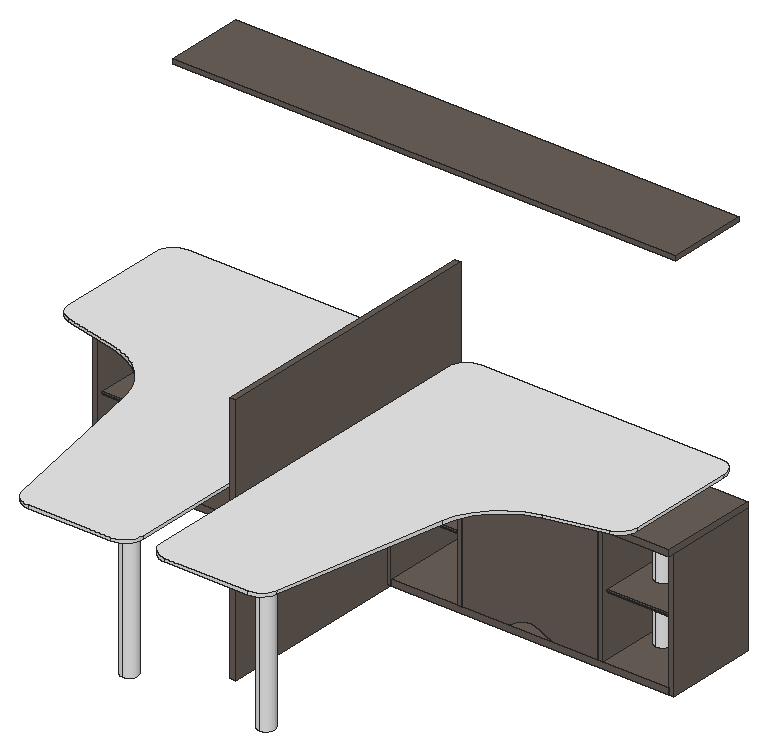
Revit family "OFS TYPICAL T100070", category Furniture, Revit 2022
Family settings
  OmniClass Number = 23.40.20.00
  OmniClass Title = General Furniture and Specialties
  Work Plane-Based = No
  Always vertical = Yes
  Cut with Voids When Loaded = No
  Render Appearance Source = Family Geometry
  Shared = No
  Room Calculation Point = No
Parameters (values of type "T100070")
  URL = "http://ofs.com/"
  Model = "T100070"
  Manufacturer = "OFS"
  Description = "OFS TYPICAL T100070"
  Default Elevation = 0' - 0"
  Copyright © = "©OFS 2024"
  Catalog = ""
  Authoring Version = "Autodesk Revit 2018"
  Assembly Code = "E2020200"
Reference planes (in)
  plane 1 "Center Front/Back": y = 0
  plane 2: z = 0
  plane 3 "Center Left/Right": x = 0
Dimensions and locks (in)
  aligned and locked: level to plane 2
Nested families (in)
  nested 1: "STAKS WALL SHELF" at (-27.05498, 8.33365, 0.28743), type "STAKS WALL SHELF 84in"
    with Height Above Floor 5' - 11 1/2", 2D Symbol Lines yes
  nested 2: "STAKS SPINE OR DIVIDER WALL 42in" at (-2.33365, 7.55498, 0) x (0, -1, 0) z (0, 0, 1), type "STAKS SPINE OR DIVIDER WALL 42in X 47in"
    with Height Above Floor 3' - 6"
  nested 3: "OFS STAKS HEIGHT ADJUSTABLE SWEEP TOP DESK 68x48 Top 16D Cabinet" at (-24.5, -10, 0) x (-1, 0, 0) z (0, 0, 1), type "HA Sweep Top Desk 68x48 Left w 16 D Cabinet"
    with Worksurface Height 2' - 3", Right Column no, Right 4H4 no, Leg Caps Material OFS STAKS Leg Caps Material, Left Column yes, Left 4H4 no, H4H Height Adjustable Panel Base Option no, Columns Finish OFS STAKS Columns Material, Chassis Finish OFS STAKS Boards
  nested 4: "OFS STAKS HEIGHT ADJUSTABLE SWEEP TOP DESK 68x48 Top 16D Cabinet" at (24.5, -10, 0), type "HA Sweep Top Desk 68x48 Left w 16 D Cabinet"
    with Worksurface Height 2' - 3", Right Column no, Right 4H4 no, Leg Caps Material OFS STAKS Leg Caps Material, Left Column yes, Left 4H4 no, H4H Height Adjustable Panel Base Option no, Columns Finish OFS STAKS Columns Material, Chassis Finish OFS STAKS Boards
Definition of nested family "STAKS WALL SHELF"
  Parameters (values of type "STAKS WALL SHELF 96in")
    URL = "http://www.ofs.com/"
    Top Board Thickness = 0' - 1 1/16"
    Height Above Floor [instance] = 5' - 11 1/2"
    Height = 1' - 0"
    Front Doors Material = none
    Default Elevation = 0' - 0"
    Back Material = none
    Depth = 1' - 2"
    Model = "6-9614WS"
    Manufacturer = "OFS"
    Description = "OFS STAKS WALL SHELF 96\" Width, 12\" Deep Fixed Shelf"
    Width = 8' - 0"
    Copyright © = "© 2018 OFS"
    Catalog = "https://ofs.com/products/casegoods/private-office/staks"
    Board Material = none
    Board Thickness = 0' - 0 3/4"
    Authoring Version = "Autodesk Revit Architecture 2013"
    Assembly Code = "E2020200"
    2D Symbol Lines [instance] = yes
  Types (7): name | Model | Description | Width
    STAKS WALL SHELF 60in | "6-6014WS" | "OFS STAKS WALL SHELF 60\" Width, 12\" Deep Fixed Shelf" | 5' - 0"
    STAKS WALL SHELF 66in | "6-6614WS" | "OFS STAKS WALL SHELF 66\" Width, 12\" Deep Fixed Shelf" | 5' - 6"
    STAKS WALL SHELF 72in | "6-7214WS" | "OFS STAKS WALL SHELF 72\" Width, 12\" Deep Fixed Shelf" | 6' - 0"
    STAKS WALL SHELF 78in | "6-7814WS" | "OFS STAKS WALL SHELF 78\" Width, 12\" Deep Fixed Shelf" | 6' - 6"
    STAKS WALL SHELF 84in | "6-8414WS" | "OFS STAKS WALL SHELF 84\" Width, 12\" Deep Fixed Shelf" | 7' - 0"
    STAKS WALL SHELF 90in | "6-9014WS" | "OFS STAKS WALL SHELF 90\" Width, 12\" Deep Fixed Shelf" | 7' - 6"
    STAKS WALL SHELF 96in | "6-9614WS" | "OFS STAKS WALL SHELF 96\" Width, 12\" Deep Fixed Shelf" | 8' - 0"
  Reference planes (in)
    plane 1: z = -0.125
    plane 2 "LEFT": x = -20.94502
    plane 3 "RIGHT": x = 75.05498
    plane 4 "FRONT": y = -15.33365
    plane 5: z = 59.375
    plane 6 "SURFACE TOP": z = 71.375
    plane 7: x = 27.05498
    plane 8: z = 70.3125
    plane 9: y = -1.33365
    plane 10: z = 60.125
    plane 11: y = -2.08365
  Forms (in)
    Extrusion 1, solid, material <- "Board Material"
      sketch origin (0, 0, 71.375) x (0, 1, 0) y (-1, 0, 0)
        loop
          line (-2.08365, 20.94502) -> (-15.33365, 20.94502) -> (-15.33365, -75.05498) -> (-2.08365, -75.05498) -> (-2.08365, 20.94502)
      from -12 to -11.25
  Dimensions and locks (in)
    "Width": plane 2 "LEFT" to plane 3 "RIGHT"
    "Height": plane 6 "SURFACE TOP" to plane 5
    "Height Above Floor": plane 6 "SURFACE TOP" to level
    equal spacing: plane 2 "LEFT", plane 7, plane 3 "RIGHT"
    "Board Thickness": plane 10 to plane 5
    "Board Thickness": plane 9 to plane 11
    "Depth": plane 9 to plane 4 "FRONT"
    aligned: level to plane 1
    aligned and locked: Extrusion 1 sketch curve to plane 4 "FRONT"
    aligned and locked: Extrusion 1 to plane 10
    aligned and locked: Extrusion 1 to plane 5
    aligned and locked: Extrusion 1 to plane 11
    aligned and locked: Extrusion 1 to plane 2 "LEFT"
    aligned and locked: plane 3 "RIGHT" to Extrusion 1
  Automatic sketch dimensions
    Extrusion 1 sketch curve to plane 11 = 0' - 0"
    Extrusion 1 sketch curve to plane 3 "RIGHT" = 0' - 0"
    plane 2 "LEFT" to Extrusion 1 sketch curve = 0' - 0"
Definition of nested family "STAKS SPINE OR DIVIDER WALL 42in"
  Parameters (values of type "STAKS SPINE OR DIVIDER WALL 42in X 24in")
    URL = "http://www.ofs.com/"
    Height Above Floor [instance] = 3' - 6"
    Height = 3' - 6"
    Depth = 0' - 1"
    Model = "6-PAN-42/24"
    Manufacturer = "OFS"
    Description = "OFS STAKS SPINE OR DIVIDER WALL 42\" Height x 24\" Width, Levelers allow 2.5\" Height Adjustability for Uneven Floor"
    Width = 2' - 0"
    Default Elevation = 0' - 0"
    Copyright © = "© 2018 OFS"
    Catalog = "https://ofs.com/products/casegoods/private-office/staks"
    Authoring Version = "Autodesk Revit Architecture 2013"
    Assembly Code = "E2020200"
  Types (19): name | Model | Description | Width
    STAKS SPINE OR DIVIDER WALL 42in X 24in | "6-PAN-42/24" | "OFS STAKS SPINE OR DIVIDER WALL 42\" Height x 24\" Width, Levelers allow 2.5\" Height Adjustability for Uneven Floor" | 2' - 0"
    STAKS SPINE OR DIVIDER WALL 42in X 33in | "6-PAN-42/33" | "OFS STAKS SPINE OR DIVIDER WALL 42\" Height x 33\" Width, Levelers allow 2.5\" Height Adjustability for Uneven Floor" | 2' - 9"
    STAKS SPINE OR DIVIDER WALL 42in X 26in | "6-PAN-42/26" | "OFS STAKS SPINE OR DIVIDER WALL 42\" Height x 26\" Width, Levelers allow 2.5\" Height Adjustability for Uneven Floor" | 2' - 2"
    STAKS SPINE OR DIVIDER WALL 42in X 30in | "6-PAN-42/30" | "OFS STAKS SPINE OR DIVIDER WALL 42\" Height x 30\" Width, Levelers allow 2.5\" Height Adjustability for Uneven Floor" | 2' - 6"
    STAKS SPINE OR DIVIDER WALL 42in X 36in | "6-PAN-42/36" | "OFS STAKS SPINE OR DIVIDER WALL 42\" Height x 36\" Width, Levelers allow 2.5\" Height Adjustability for Uneven Floor" | 3' - 0"
    STAKS SPINE OR DIVIDER WALL 42in X 37in | "6-PAN-42/37" | "OFS STAKS SPINE OR DIVIDER WALL 42\" Height x 37\" Width, Levelers allow 2.5\" Height Adjustability for Uneven Floor" | 3' - 1"
    STAKS SPINE OR DIVIDER WALL 42in X 39in | "6-PAN-42/39" | "OFS STAKS SPINE OR DIVIDER WALL 42\" Height x 39\" Width, Levelers allow 2.5\" Height Adjustability for Uneven Floor" | 3' - 3"
    STAKS SPINE OR DIVIDER WALL 42in X 40in | "6-PAN-42/40" | "OFS STAKS SPINE OR DIVIDER WALL 42\" Height x 40\" Width, Levelers allow 2.5\" Height Adjustability for Uneven Floor" | 3' - 4"
    STAKS SPINE OR DIVIDER WALL 42in X 42in | "6-PAN-42/42" | "OFS STAKS SPINE OR DIVIDER WALL 42\" Height x 42\" Width, Levelers allow 2.5\" Height Adjustability for Uneven Floor" | 3' - 6"
    STAKS SPINE OR DIVIDER WALL 42in X 44in | "6-PAN-42/44" | "OFS STAKS SPINE OR DIVIDER WALL 42\" Height x 44\" Width, Levelers allow 2.5\" Height Adjustability for Uneven Floor" | 3' - 8"
    STAKS SPINE OR DIVIDER WALL 42in X 45in | "6-PAN-42/45" | "OFS STAKS SPINE OR DIVIDER WALL 42\" Height x 45\" Width, Levelers allow 2.5\" Height Adjustability for Uneven Floor" | 3' - 9"
    STAKS SPINE OR DIVIDER WALL 42in X 47in | "6-PAN-42/47" | "OFS STAKS SPINE OR DIVIDER WALL 42\" Height x 47\" Width, Levelers allow 2.5\" Height Adjustability for Uneven Floor" | 3' - 11"
    STAKS SPINE OR DIVIDER WALL 42in X 48in | "6-PAN-42/48" | "OFS STAKS SPINE OR DIVIDER WALL 42\" Height x 48\" Width, Levelers allow 2.5\" Height Adjustability for Uneven Floor" | 4' - 0"
    STAKS SPINE OR DIVIDER WALL 42in X 49in | "6-PAN-42/49" | "OFS STAKS SPINE OR DIVIDER WALL 42\" Height x 49\" Width, Levelers allow 2.5\" Height Adjustability for Uneven Floor" | 4' - 1"
    STAKS SPINE OR DIVIDER WALL 42in X 52in | "6-PAN-42/52" | "OFS STAKS SPINE OR DIVIDER WALL 42\" Height x 52\" Width, Levelers allow 2.5\" Height Adjustability for Uneven Floor" | 4' - 4"
    STAKS SPINE OR DIVIDER WALL 42in X 54in | "6-PAN-42/54" | "OFS STAKS SPINE OR DIVIDER WALL 42\" Height x 54\" Width, Levelers allow 2.5\" Height Adjustability for Uneven Floor" | 4' - 6"
    STAKS SPINE OR DIVIDER WALL 42in X 56in | "6-PAN-42/56" | "OFS STAKS SPINE OR DIVIDER WALL 42\" Height x 56\" Width, Levelers allow 2.5\" Height Adjustability for Uneven Floor" | 4' - 8"
    STAKS SPINE OR DIVIDER WALL 42in X 58in | "6-PAN-42/58" | "OFS STAKS SPINE OR DIVIDER WALL 42\" Height x 58\" Width, Levelers allow 2.5\" Height Adjustability for Uneven Floor" | 4' - 10"
    STAKS SPINE OR DIVIDER WALL 42in X 59in | "6-PAN-42/59" | "OFS STAKS SPINE OR DIVIDER WALL 42\" Height x 59\" Width, Levelers allow 2.5\" Height Adjustability for Uneven Floor" | 4' - 11"
  Reference planes (in)
    plane 1: z = -0.125
    plane 2 "LEFT": x = 7.55498
    plane 3 "RIGHT": x = 31.55498
    plane 4 "BACK": y = -1.83365
    plane 5 "FRONT": y = -2.83365
    plane 6: x = 7.67998
    plane 7: x = 31.42998
    plane 8: y = -1.95865
    plane 9: y = -2.70865
    plane 10: z = -0.125
    plane 11 "SURFACE TOP": z = 41.875
  Forms (in)
    Extrusion 1, solid
      sketch origin (0, 0, 17.125) x (-1, 0, 0) y (0, -1, 0)
        loop
          line (-7.55498, 1.83365) -> (-7.55498, 2.83365) -> (-31.55498, 2.83365) -> (-31.55498, 1.83365) -> (-7.55498, 1.83365)
      from 24.75 to -17.25
  Lines and regions (in)
    symbolic lines
      curve 1: line (7.55498, -1.83365, 41.875) -> (31.55498, -1.83365, 41.875)
      curve 2: line (7.55498, -2.83365, 41.875) -> (7.55498, -1.83365, 41.875)
      curve 3: line (31.55498, -2.83365, 41.875) -> (7.55498, -2.83365, 41.875)
      curve 4: line (31.55498, -1.83365, 41.875) -> (31.55498, -2.83365, 41.875)
  Dimensions and locks (in)
    "Depth": plane 4 "BACK" to plane 5 "FRONT"
    "Width": plane 2 "LEFT" to plane 3 "RIGHT"
    "Height": plane 11 "SURFACE TOP" to plane 10
    locked: plane 4 "BACK" to plane 8 at 0.125
    locked: plane 2 "LEFT" to plane 6 at 0.125
    locked: plane 7 to plane 3 "RIGHT" at 0.125
    locked: plane 9 to plane 5 "FRONT" at 0.125
    "Height Above Floor": plane 11 "SURFACE TOP" to level
    aligned: level to plane 1
    aligned and locked: plane 11 "SURFACE TOP" to Extrusion 1
    aligned and locked: Extrusion 1 to plane 10
    aligned and locked: plane 4 "BACK" to Extrusion 1 sketch curve
    aligned and locked: Extrusion 1 sketch curve to plane 2 "LEFT"
    aligned and locked: Extrusion 1 sketch curve to plane 5 "FRONT"
    aligned and locked: plane 3 "RIGHT" to Extrusion 1 sketch curve
    aligned and locked: curve 1 to Extrusion 1
    aligned and locked: curve 2 to Extrusion 1
    aligned and locked: curve 3 to Extrusion 1
    aligned and locked: curve 4 to Extrusion 1
Definition of nested family "OFS STAKS HEIGHT ADJUSTABLE SWEEP TOP DESK 68x48 Top 16D Cabinet"
  Parameters (values of type "HA Sweep Top Desk 68x48 Left w 16 D Cabinet")
    Worksurface Finish = none
    Width = 4' - 0"
    URL = "https://ofs.com/"
    Shelves Finish = none
    Right Column [instance] = and(Right, not(H4H Height Adjustable Panel Base Option))  # no
    Right 4H4 [instance] = and(Right, H4H Height Adjustable Panel Base Option)  # no
    Right = no
    Leg Caps Material [instance] = none
    Left Column [instance] = and(Left, not(H4H Height Adjustable Panel Base Option))  # no
    Left 4H4 [instance] = and(Left, H4H Height Adjustable Panel Base Option)  # yes
    Left = yes
    H4H Height Adjustable Panel Base Option [instance] = yes
    Depth = 5' - 8"
    Model = "6-6848HASWTLS"
    Manufacturer = "OFS"
    Height = 0' - 1 3/16"
    Description = "OFS STAKS HEIGHT ADJUSTABLE SWEEP TOP DESK Left Sided, 48\"W x 16.5\"D Low Height Cabinet, 66\"W x 46\"D Worksurface"
    Default Elevation = 0' - 0"
    Copyright © = "©OFS 2021"
    Columns Finish [instance] = none
    Chassis Finish [instance] = none
    Catalog = "https://ofs.com/products/casegoods/private-office/staks"
    Worksurface Height [instance] = 2' - 3"
    Cabinet Storage Approach = none
    Authoring Version = "Autodesk Revit Architecture 2015"
    Assembly Code = "E2020200"
  Types (3): name | Right 4H4 | Right | Left 4H4 | Left | Model | Description
    (no name) | no | no | yes | yes | "6-6848HASWTLS" | "OFS STAKS HEIGHT ADJUSTABLE SWEEP TOP DESK Left Sided, 48\"W x 16.5\"D Low Height Cabinet, 66\"W x 46\"D Worksurface"
    HA Sweep Top Desk 68x48 Left w 16 D Cabinet | no | no | yes | yes | "6-6848HASWTLS" | "OFS STAKS HEIGHT ADJUSTABLE SWEEP TOP DESK Left Sided, 48\"W x 16.5\"D Low Height Cabinet, 66\"W x 46\"D Worksurface"
    HA Sweep Top Desk 68x48 Right w 16 D Cabinet | yes | yes | no | no | "6-6848HASWTRS" | "OFS STAKS HEIGHT ADJUSTABLE SWEEP TOP DESK Right Sided, 48\"W x 16.5\"D Low Height Cabinet, 66\"W x 46\"D Worksurface"
  Reference planes (in)
    plane 1 "Back End": y = 10
    plane 2: z = 0
    plane 3 "Center Left/Right": x = 0
    plane 4 "Left End": x = -24
    plane 5 "Front End": y = -58
    plane 6 "Right End": x = 24
    plane 7 "Height Top": z = 28.1875
    plane 8: z = 27
    plane 9 "Center Front/Back": y = -24
    plane 10: z = 24.625
    plane 11: z = 22.25
    plane 12: z = 26.875
  Forms (in)
    Extrusion 1, solid, material <- "Columns Finish", visible <- "Right"
      sketch origin (-24, -22.75, 0) x (0, 1, 0) y (-1, 0, 0)
        loop
          circle (-21.4997, -37.08789) r 1.125
      from 24.625 to 26.875
    Extrusion 2, solid, material <- "Columns Finish", visible <- "Right"
      sketch origin (-24, -22.75, 0) x (0, 1, 0) y (-1, 0, 0)
        loop
          circle (-21.4997, -37.08789) r 1.25
      from 22.25 to 24.625
    Extrusion 3, solid, material <- "Columns Finish", visible <- "Right Column"
      sketch origin (-24, -22.75, 0) x (0, 1, 0) y (-1, 0, 0)
        loop
          circle (-21.4997, -37.08789) r 1.375
      from 0 to 22.25
    Extrusion 4, solid, material <- "Columns Finish"
      sketch origin (-24, -22.75, 0) x (0, 1, 0) y (-1, 0, 0)
        loop
          line (21, -38) -> (21, -44) -> (27, -44) -> (27, -38) -> (21, -38)
        loop
          line (21, -10) -> (27, -10) -> (27, -4) -> (21, -4) -> (21, -10)
      from 26.875 to 27
    Extrusion 5, solid, material <- "Columns Finish"
      sketch origin (-21.08789, 23.75266, 0) x (0, 1, 0) y (-1, 0, 0)
        loop
          circle (-21.4997, -37.08789) r 1.125
      from 24.625 to 26.875
    Extrusion 6, solid, material <- "Columns Finish"
      sketch origin (-21.08789, 23.75266, 0) x (0, 1, 0) y (-1, 0, 0)
        loop
          circle (-21.4997, -37.08789) r 1.25
      from 22.25 to 24.625
    Extrusion 7, solid, material <- "Columns Finish"
      sketch origin (-21.08789, 23.75266, 0) x (0, 1, 0) y (-1, 0, 0)
        loop
          circle (-21.4997, -37.08789) r 1.375
      from 2.375 to 22.25
    Extrusion 8, solid, material <- "Columns Finish"
      sketch origin (-53.08789, 23.75266, 0) x (0, 1, 0) y (-1, 0, 0)
        loop
          circle (-21.4997, -37.08789) r 1.125
      from 24.625 to 26.875
    Extrusion 9, solid, material <- "Columns Finish"
      sketch origin (-53.08789, 23.75266, 0) x (0, 1, 0) y (-1, 0, 0)
        loop
          circle (-21.4997, -37.08789) r 1.25
      from 22.25 to 24.625
    Extrusion 10, solid, material <- "Columns Finish"
      sketch origin (-53.08789, 23.75266, 0) x (0, 1, 0) y (-1, 0, 0)
        loop
          circle (-21.4997, -37.08789) r 1.375
      from 2.375 to 22.25
    Extrusion 11, solid, material <- "Columns Finish", visible <- "Right"
      sketch origin (-24, -22.75, 0) x (0, 1, 0) y (-1, 0, 0)
        loop
          line (-23.4997, -34.08789) -> (-23.4997, -40.08789) -> (-17.4997, -40.08789) -> (-17.4997, -34.08789) -> (-23.4997, -34.08789)
      from 26.875 to 27
    Extrusion 12, solid, material <- "Columns Finish", visible <- "Left"
      sketch origin (24, -22.75, 0) x (0, 1, 0) y (-1, 0, 0)
        loop
          circle (-21.4997, 37.08789) r 1.125
      from 24.625 to 26.875
    Extrusion 13, solid, material <- "Columns Finish", visible <- "Left"
      sketch origin (24, -22.75, 0) x (0, 1, 0) y (-1, 0, 0)
        loop
          circle (-21.4997, 37.08789) r 1.25
      from 22.25 to 24.625
    Extrusion 14, solid, material <- "Columns Finish", visible <- "Left Column"
      sketch origin (24, -22.75, 0) x (0, 1, 0) y (-1, 0, 0)
        loop
          circle (-21.4997, 37.08789) r 1.375
      from 0 to 22.25
    Extrusion 15, solid, material <- "Columns Finish", visible <- "Left"
      sketch origin (24, -22.75, 0) x (0, 1, 0) y (-1, 0, 0)
        loop
          line (-23.4997, 34.08789) -> (-17.4997, 34.08789) -> (-17.4997, 40.08789) -> (-23.4997, 40.08789) -> (-23.4997, 34.08789)
      from 26.875 to 27
  Dimensions and locks (in)
    "Height": plane 7 "Height Top" to plane 8
    "Worksurface Height": plane 8 to level
    "Depth": plane 5 "Front End" to plane 1 "Back End"
    equal spacing: plane 4 "Left End", plane 3 "Center Left/Right", plane 6 "Right End"
    "Width": plane 4 "Left End" to plane 6 "Right End"
    equal spacing: plane 5 "Front End", plane 9 "Center Front/Back", plane 1 "Back End"
    locked: plane 11 to level at 22.25
    equal spacing: plane 8, plane 10, plane 11
    locked: plane 8 to plane 12 at 0.125
    aligned and locked: level to plane 2
    aligned and locked: plane 7 "Height Top" to nested 3
    aligned and locked: plane 7 "Height Top" to nested 2
    aligned and locked: plane 8 to Extrusion 15
    aligned and locked: Extrusion 4 to plane 8
    aligned and locked: Extrusion 11 to plane 8
    aligned and locked: plane 12 to Extrusion 11
    aligned and locked: Extrusion 4 to plane 12
    aligned and locked: Extrusion 15 to plane 12
    aligned and locked: plane 12 to Extrusion 12
    aligned and locked: plane 12 to Extrusion 8
    aligned and locked: Extrusion 1 to plane 12
    aligned and locked: Extrusion 5 to plane 12
    aligned and locked: Extrusion 2 to plane 10
    aligned and locked: plane 10 to Extrusion 1
    aligned and locked: Extrusion 6 to plane 10
    aligned and locked: plane 10 to Extrusion 5
    aligned and locked: plane 10 to Extrusion 13
    aligned and locked: Extrusion 12 to plane 10
    aligned and locked: plane 10 to Extrusion 9
    aligned and locked: Extrusion 8 to plane 10
  Automatic sketch dimensions
    plane 5 "Front End" to Extrusion 1 sketch curve = 1' - 1.7503"
    plane 6 "Right End" to Extrusion 1 sketch curve = 0' - 10.91211"
    Extrusion 2 sketch curve to Extrusion 2 sketch curve = 0' - 0"  (x2)
    plane 5 "Front End" to Extrusion 2 sketch curve = 1' - 1.7503"
    plane 6 "Right End" to Extrusion 2 sketch curve = 0' - 10.91211"
    Extrusion 2 sketch curve to Extrusion 2 sketch curve = 0' - 1 1/4"
    Extrusion 3 sketch curve to Extrusion 3 sketch curve = 0' - 0"  (x2)
    plane 5 "Front End" to Extrusion 3 sketch curve = 1' - 1.7503"
    plane 6 "Right End" to Extrusion 3 sketch curve = 0' - 10.91211"
    Extrusion 3 sketch curve to Extrusion 3 sketch curve = 0' - 1 3/8"
    plane 1 "Back End" to Extrusion 4 sketch curve = 0' - 11 3/4"  (x2)
    plane 4 "Left End" to Extrusion 4 sketch curve = 0' - 4"
    plane 1 "Back End" to Extrusion 4 sketch curve = 0' - 5 3/4"  (x2)
    Extrusion 4 sketch curve to Extrusion 4 sketch curve = 0' - 6"
    plane 6 "Right End" to Extrusion 4 sketch curve = 0' - 10"
    plane 6 "Right End" to Extrusion 4 sketch curve = 0' - 4"
    plane 1 "Back End" to Extrusion 5 sketch curve = 0' - 7.74705"
    plane 6 "Right End" to Extrusion 5 sketch curve = 0' - 8"
    Extrusion 6 sketch curve to Extrusion 6 sketch curve = 0' - 0"  (x2)
    plane 1 "Back End" to Extrusion 6 sketch curve = 0' - 7.74705"
    plane 6 "Right End" to Extrusion 6 sketch curve = 0' - 8"
    Extrusion 6 sketch curve to Extrusion 6 sketch curve = 0' - 1 1/4"
    Extrusion 7 sketch curve to Extrusion 7 sketch curve = 0' - 0"  (x2)
    plane 1 "Back End" to Extrusion 7 sketch curve = 0' - 7.74705"
    plane 6 "Right End" to Extrusion 7 sketch curve = 0' - 8"
    Extrusion 7 sketch curve to Extrusion 7 sketch curve = 0' - 1 3/8"
    plane 1 "Back End" to Extrusion 8 sketch curve = 0' - 7.74705"
    plane 4 "Left End" to Extrusion 8 sketch curve = 0' - 8"
    Extrusion 9 sketch curve to Extrusion 9 sketch curve = 0' - 0"  (x2)
    plane 1 "Back End" to Extrusion 9 sketch curve = 0' - 7.74705"
    plane 4 "Left End" to Extrusion 9 sketch curve = 0' - 8"
    Extrusion 9 sketch curve to Extrusion 9 sketch curve = 0' - 1 1/4"
    Extrusion 10 sketch curve to Extrusion 10 sketch curve = 0' - 0"  (x2)
    plane 1 "Back End" to Extrusion 10 sketch curve = 0' - 7.74705"
    plane 4 "Left End" to Extrusion 10 sketch curve = 0' - 8"
    Extrusion 10 sketch curve to Extrusion 10 sketch curve = 0' - 1 3/8"
    plane 5 "Front End" to Extrusion 11 sketch curve = 0' - 11.7503"
    Extrusion 11 sketch curve to Extrusion 11 sketch curve = 0' - 6"  (x2)
    plane 6 "Right End" to Extrusion 11 sketch curve = 0' - 7.91211"
    Extrusion 12 sketch curve to plane 5 "Front End" = 1' - 1.7503"
    Extrusion 12 sketch curve to plane 4 "Left End" = 0' - 10.91211"
    Extrusion 13 sketch curve to Extrusion 13 sketch curve = 0' - 0"  (x2)
    Extrusion 13 sketch curve to plane 5 "Front End" = 1' - 1.7503"
    Extrusion 13 sketch curve to plane 4 "Left End" = 0' - 10.91211"
    Extrusion 13 sketch curve to Extrusion 13 sketch curve = 0' - 1 1/4"
    Extrusion 14 sketch curve to Extrusion 14 sketch curve = 0' - 0"  (x2)
    Extrusion 14 sketch curve to plane 5 "Front End" = 1' - 1.7503"
    Extrusion 14 sketch curve to plane 4 "Left End" = 0' - 10.91211"
    Extrusion 14 sketch curve to Extrusion 14 sketch curve = 0' - 1 3/8"
    Extrusion 15 sketch curve to plane 5 "Front End" = 0' - 11.7503"
    Extrusion 15 sketch curve to Extrusion 15 sketch curve = 0' - 6"  (x2)
    Extrusion 15 sketch curve to plane 4 "Left End" = 0' - 7.91211"
    radius of Extrusion 1 sketch curve = 0' - 1 1/8"
    radius of Extrusion 5 sketch curve = 0' - 1 1/8"
    radius of Extrusion 8 sketch curve = 0' - 1 1/8"
    radius of Extrusion 12 sketch curve = 0' - 1 1/8"
  Nested families (in)
    nested 1: "Aptos Modular Low Height Cabinets" at (0, 10, 0), Chassis Finish <- "Chassis Finish", Leg Caps Material <- "Leg Caps Material", Column Finish <- "Columns Finish", Worksurface Approach Finish <- "Worksurface Finish", Shelf Finish <- "Shelves Finish", Cabinet Storage Approach Finish <- "Cabinet Storage Approach", type "APTOS HEIGHT ADJUSTABLE SWEEP TOP DESK"
      with Worksurface Approach Finish none, Shelf Finish none, Leg Caps Material none, Column Finish none, Chassis Finish none, Cabinet Storage Approach Finish none, Width 4' - 0", Depth 1' - 4 1/2"
    nested 2: "APTOS SWEEP ELEVATED RUNOFF WORKSURFACE RIGHT - WOOD TOP for 18D Cabinets" at (-24, -23.7503, -1.3125) x (0, 1, 0) z (0, 0, 1), visible <- "Right", type "APTOS SWEEP ELEVATED RUNOFF WORKSURFACE 66" x 52" RIGHT OPEN END - WOOD TOP"
    nested 3: "APTOS SWEEP ELEVATED RUNOFF WORKSURFACE LEFT - WOOD TOP for 18D Cabinets" at (24, -23.7503, -1.3125) x (0, -1, 0) z (0, 0, 1), visible <- "Left", type "APTOS SWEEP ELEVATED RUNOFF WORKSURFACE 66" x 52" LEFT OPEN END - WOOD TOP"
    nested 4: "H4H" at (-13, -47.25, 0) x (-1, 0, 0) z (0, 0, 1), visible <- "Left 4H4", Column Material <- "Columns Finish", Board Material <- "Chassis Finish", Leg Caps Material <- "Leg Caps Material", type "H4H"
      with Leg Caps Material none, Column Material none, Board Material none
    nested 5: "H4H" at (13, -47.25, 0), visible <- "Right 4H4", Column Material <- "Columns Finish", Board Material <- "Chassis Finish", Leg Caps Material <- "Leg Caps Material", type "H4H"
      with Leg Caps Material none, Column Material none, Board Material none
  Definition of nested family "Aptos Modular Low Height Cabinets"
    Parameters (values of type "APTOS HEIGHT ADJUSTABLE SWEEP TOP DESK")
      Width = 4' - 6"
      URL = "http://ofsbrands.com"
      Top Board, Back Offset = 0' - 0"
      Shelf Finish [instance] = none
      Shelf Height = 0' - 10 9/16"
      Default Elevation = 0' - 0"
      Cabinet Storage Approach Finish [instance] = none
      Drawer Width = 1' - 2 3/4"
      Drawer Gap = 0' - 0 7/8"
      Worksurface Approach Finish [instance] = none
      Column Finish [instance] = none
      Box Width = 1' - 10 3/4"
      Bottom Drawer Height = 1' - 0"
      Board Thick Door = 0' - 1"
      Depth = 1' - 10"
      Chassis Finish [instance] = none
      Model = ""
      Manufacturer = "OFS"
      Leg Caps Material [instance] = none
      Leg Offset = 0' - 2"
      Board Thick Internal = 0' - 0 3/4"
      Height = 1' - 10 7/8"
      Description = "OFS BRANDS OFS APTOS"
      Copyright © = "© OFS BRANDS 2017"
      Catalog = "APTOS http://ofsbrands.com/products/casegoods/private-office/aptos"
      Bottom Board Offset = 0' - 0 1/2"
      Board Thick Top and Bot = 0' - 1"
      Board Thick Shelfs = 0' - 0 3/4"
      Board Thick Sides = 0' - 0 3/4"
      Board Thick Front = 0' - 0 3/4"
      Board Thick Back = 0' - 0 3/4"
      Authoring Version = "Autodesk Revit Architecture 2013"
      Assembly Code = "E2020200"
    Reference planes (in)
      plane 1 "Center Front/Back": y = 0
      plane 2: z = 0
      plane 3 "Center Left/Right": x = 0
      plane 4 "Left End": x = -27
      plane 5 "Front End": y = -21
      plane 6 "Right End": x = 27
      plane 7 "Back End": y = 0
      plane 8 "Height Top": z = 22.875
      plane 9: x = -26.25
      plane 10: x = 26.25
      plane 11: z = 11.3125
      plane 12: z = 12.0625
      plane 13: z = 21.875
      plane 14: z = 0.5
      plane 15: z = 1.5
      plane 16: y = -20.25
      plane 17: y = -2
      plane 18: y = -2
      plane 19: y = -19
      plane 20: y = -19
      plane 21: x = -25
      plane 22: x = 25
      plane 23: x = 25
      plane 24: x = -25
      plane 25: x = -12.125
      plane 26: x = -11.375
      plane 27: y = -22
      plane 28: y = -0.75
      plane 29: x = 12.125
      plane 30: x = 11.375
      plane 31: y = 0
      plane 32: y = -2.75
    Forms (in)
      Extrusion 1, solid, material <- "Chassis Finish"
        sketch origin (0, 0, 0) x (1, 0, 0) y (0, 1, 0)
          loop
            line (-27, 0) -> (-27, -21) -> (-26.25, -21) -> (-26.25, 0) -> (-27, 0)
        from 0.5 to 21.875
      Extrusion 2, solid, material <- "Chassis Finish"
        sketch origin (0, 0, 0) x (-1, 0, 0) y (0, -1, 0)
          loop
            line (-27, 0) -> (-26.25, 0) -> (-26.25, 21) -> (-27, 21) -> (-27, 0)
        from 0.5 to 21.875
      Extrusion 3, solid, material <- "Chassis Finish"
        sketch origin (0, 0, 0) x (1, 0, 0) y (0, 1, 0)
          loop
            line (-26.25, 0) -> (-26.25, -21) -> (26.25, -21) -> (26.25, 0) -> (-26.25, 0)
        from 0.5 to 1.5
      Extrusion 4, solid, material <- "Chassis Finish"
        sketch origin (0, 0, 0) x (1, 0, 0) y (0, 1, 0)
          loop
            line (-27, 0) -> (-27, -22) -> (27, -22) -> (27, 0) -> (-27, 0)
        from 21.875 to 22.875
      Revolve 5, solid, material <- "Leg Caps Material"
        sketch origin (0, -2, 0) x (-1, 0, 0) y (0, 0, 1)
          loop
            line (24, 0.28743) -> (24.5, 0.28743)
            arc (24.5, 0.28743) -> (24.35629, 0.14371) -> (24.5, 0) r 0.14371
            line (24.5, 0) -> (25, 0) -> (25, 0.5) -> (24, 0.5) -> (24, 0.28743)
          axis (25, 0.5) -> (25, 0)
        angle from 0 to 360
      Revolve 6, solid, material <- "Leg Caps Material"
        sketch origin (0, -2, 0) x (1, 0, 0) y (0, 0, -1)
          loop
            line (24, -0.28743) -> (24, -0.5) -> (25, -0.5) -> (25, 0) -> (24.5, 0)
            arc (24.5, 0) -> (24.35629, -0.14371) -> (24.5, -0.28743) r 0.14371
            line (24.5, -0.28743) -> (24, -0.28743)
          axis (25, -0.5) -> (25, 0)
        angle from 0 to 360
      Revolve 7, solid, material <- "Leg Caps Material"
        sketch origin (0, -19, 0) x (-1, 0, 0) y (0, 0, -1)
          loop
            line (24, -0.28743) -> (24, -0.5) -> (25, -0.5) -> (25, 0) -> (24.5, 0)
            arc (24.5, 0) -> (24.35629, -0.14371) -> (24.5, -0.28743) r 0.14371
            line (24.5, -0.28743) -> (24, -0.28743)
          axis (25, -0.5) -> (25, 0)
        angle from 0 to 360
      Revolve 8, solid, material <- "Leg Caps Material"
        sketch origin (0, -19, 0) x (1, 0, 0) y (0, 0, 1)
          loop
            line (24, 0.28743) -> (24.5, 0.28743)
            arc (24.5, 0.28743) -> (24.35629, 0.14371) -> (24.5, 0) r 0.14371
            line (24.5, 0) -> (25, 0) -> (25, 0.5) -> (24, 0.5) -> (24, 0.28743)
          axis (25, 0.5) -> (25, 0)
        angle from 0 to 360
      Extrusion 9, solid, material <- "Chassis Finish"
        sketch origin (0, 0, 0) x (1, 0, 0) y (0, 1, 0)
          loop
            line (-12.125, -0.75) -> (-12.125, -21) -> (-11.375, -21) -> (-11.375, -0.75) -> (-12.125, -0.75)
        from 1.5 to 21.875
      Revolve 10, solid, material <- "Leg Caps Material"
        sketch origin (-28, -2, 0) x (1, 0, 0) y (0, 0, -1)
          loop
            line (27, -0.28743) -> (27, -0.5) -> (28, -0.5) -> (28, 0) -> (27.5, 0)
            arc (27.5, 0) -> (27.35629, -0.14371) -> (27.5, -0.28743) r 0.14371
            line (27.5, -0.28743) -> (27, -0.28743)
          axis (28, -0.5) -> (28, 0)
        angle from 0 to 360
      Revolve 11, solid, material <- "Leg Caps Material"
        sketch origin (-28, -19, 0) x (1, 0, 0) y (0, 0, 1)
          loop
            line (27, 0.28743) -> (27.5, 0.28743)
            arc (27.5, 0.28743) -> (27.35629, 0.14371) -> (27.5, 0) r 0.14371
            line (27.5, 0) -> (28, 0) -> (28, 0.5) -> (27, 0.5) -> (27, 0.28743)
          axis (28, 0.5) -> (28, 0)
        angle from 0 to 360
      Extrusion 12, solid, material <- "Chassis Finish"
        sketch origin (0, 0, 0) x (-1, 0, 0) y (0, -1, 0)
          loop
            line (-12.125, 0.75) -> (-11.375, 0.75) -> (-11.375, 21) -> (-12.125, 21) -> (-12.125, 0.75)
        from 1.5 to 21.875
      Extrusion 13, solid, material <- "Chassis Finish"
        sketch origin (0, 13.5, 0) x (1, 0, 0) y (0, 1, 0)
          loop
            line (11.375, -15.5) -> (-11.375, -15.5) -> (-11.375, -16.25) -> (11.375, -16.25) -> (11.375, -15.5)
        from 1.5 to 21.875
      Extrusion 14, solid, material <- "Chassis Finish"
        sketch origin (-0.25, 27.875, 0) x (-1, 0, 0) y (0, -1, 0)
          loop
            line (-26.5, 27.875) -> (26, 27.875) -> (26, 28.625) -> (-26.5, 28.625) -> (-26.5, 27.875)
        from 1.5 to 21.875
      Extrusion 15, solid, material <- "Shelf Finish"
        sketch origin (-21, 0, 0) x (0, 1, 0) y (0, 0, -1)
          loop
            line (-2.75, -12.0625) -> (-2.75, -11.3125) -> (-19.75, -11.3125) -> (-20.25, -11.8125) -> (-20.25, -12.0625) -> (-2.75, -12.0625)
        from -8.875 to 5.25
      Extrusion 16, solid, material <- "Shelf Finish"
        sketch origin (21, 0, 0) x (0, 1, 0) y (0, 0, 1)
          loop
            line (-2.75, 12.0625) -> (-20.25, 12.0625) -> (-20.25, 11.8125) -> (-19.75, 11.3125) -> (-2.75, 11.3125) -> (-2.75, 12.0625)
        from -8.875 to 5.25
      Extrusion 17, solid, material <- "Cabinet Storage Approach Finish"
        sketch origin (0, 0, 0) x (1, 0, 0) y (0, 0, 1)
          loop
            line (-11.375, 21.875) -> (-11.375, 1.5) -> (-4.67423, 1.5)
            arc (-4.67423, 1.5) -> (-3.42989, 1.69847) -> (-2.30903, 2.27419) r 4
            arc (-2.30903, 2.27419) -> (0, 3.03) -> (2.30903, 2.27419) r 3.905
            arc (2.30903, 2.27419) -> (3.42989, 1.69847) -> (4.67423, 1.5) r 4
            line (4.67423, 1.5) -> (11.375, 1.5) -> (11.375, 21.875) -> (4.67423, 21.875)
            arc (4.67423, 21.875) -> (3.42989, 21.67653) -> (2.30903, 21.10081) r 4
            arc (2.30903, 21.10081) -> (0, 20.345) -> (-2.30903, 21.10081) r 3.905
            arc (-2.30903, 21.10081) -> (-3.42989, 21.67653) -> (-4.67423, 21.875) r 4
            line (-4.67423, 21.875) -> (-11.375, 21.875)
        from 20.25 to 21
    Dimensions and locks (in)
      equal spacing: plane 4 "Left End", plane 3 "Center Left/Right", plane 6 "Right End"
      "Width": plane 4 "Left End" to plane 6 "Right End"
      "Height": plane 8 "Height Top" to level
      "Board Thick Sides": plane 4 "Left End" to plane 9
      "Board Thick Sides": plane 10 to plane 6 "Right End"
      "Board Thick Top and Bot": plane 8 "Height Top" to plane 13
      "Board Thick Shelfs": plane 12 to plane 11
      "Board Thick Top and Bot": plane 15 to plane 14
      "Bottom Board Offset": plane 14 to level
      "Board Thick Front": plane 16 to plane 5 "Front End"
      "Leg Offset": plane 19 to plane 5 "Front End"
      "Leg Offset": plane 20 to plane 5 "Front End"
      "Leg Offset": plane 17 to plane 7 "Back End"
      "Leg Offset": plane 18 to plane 7 "Back End"
      "Leg Offset": plane 4 "Left End" to plane 21
      "Leg Offset": plane 22 to plane 6 "Right End"
      "Leg Offset": plane 23 to plane 6 "Right End"
      "Leg Offset": plane 4 "Left End" to plane 24
      "Board Thick Internal": plane 25 to plane 26
      "Board Thick Door": plane 27 to plane 5 "Front End"
      "Shelf Height": plane 12 to plane 15
      "Board Thick Back": plane 28 to plane 1 "Center Front/Back"
      "Depth": plane 27 to plane 1 "Center Front/Back"
      "Board Thick Internal": plane 29 to plane 30
      equal spacing: plane 26, plane 3 "Center Left/Right", plane 30
      "Box Width": plane 26 to plane 30
      "Top Board, Back Offset": plane 31 to plane 7 "Back End"
      "Board Thick Internal": plane 18 to plane 32
      aligned and locked: level to plane 2
      aligned and locked: plane 5 "Front End" to Extrusion 1 sketch curve
      aligned and locked: plane 4 "Left End" to Extrusion 1 sketch curve
      aligned and locked: Extrusion 1 sketch curve to plane 9
      aligned and locked: Extrusion 2 to plane 5 "Front End"
      aligned and locked: plane 10 to Extrusion 2
      aligned and locked: Extrusion 2 to plane 6 "Right End"
      aligned and locked: plane 14 to Extrusion 2
      aligned and locked: plane 10 to Extrusion 3 sketch curve
      aligned and locked: Extrusion 3 sketch curve to plane 9
      aligned and locked: plane 18 to Revolve 5
      aligned and locked: Revolve 6 to plane 17
      aligned and locked: plane 20 to Revolve 8
      aligned and locked: Revolve 7 to plane 19
      aligned and locked: Extrusion 9 sketch curve to plane 25
      aligned and locked: plane 26 to Extrusion 9 sketch curve
      aligned and locked: Extrusion 9 to plane 5 "Front End"
      aligned and locked: Extrusion 3 to plane 15
      aligned and locked: Extrusion 3 to plane 14
      aligned and locked: Extrusion 9 to plane 15
      aligned and locked: plane 13 to Extrusion 9
      aligned and locked: Extrusion 2 to plane 13
      aligned and locked: Extrusion 4 to plane 27
      aligned and locked: Extrusion 4 to plane 6 "Right End"
      aligned and locked: Extrusion 4 to plane 4 "Left End"
      aligned and locked: plane 8 "Height Top" to Extrusion 4
      aligned and locked: Extrusion 4 to plane 13
      aligned and locked: Extrusion 1 to plane 1 "Center Front/Back"
      aligned and locked: Extrusion 2 to plane 1 "Center Front/Back"
      aligned and locked: Extrusion 3 to plane 1 "Center Front/Back"
      aligned and locked: plane 13 to Extrusion 1
      aligned and locked: Extrusion 1 to plane 14
      aligned and locked: plane 17 to Revolve 10
      aligned and locked: Revolve 11 to plane 20
      aligned and locked: Extrusion 12 sketch curve to plane 29
      aligned and locked: Extrusion 12 sketch curve to plane 30
      aligned and locked: Extrusion 4 to plane 31
      aligned and locked: plane 30 to Extrusion 13
      aligned and locked: plane 26 to Extrusion 13
      aligned and locked: Extrusion 13 to plane 18
      aligned and locked: Extrusion 13 to plane 32
      aligned and locked: plane 13 to Extrusion 13
      aligned and locked: Extrusion 13 to plane 15
      aligned and locked: Extrusion 14 to plane 10
      aligned and locked: Extrusion 12 to plane 15
      aligned and locked: plane 13 to Extrusion 12
      aligned and locked: Extrusion 15 to plane 9
      aligned and locked: plane 25 to Extrusion 15
      aligned and locked: plane 29 to Extrusion 16
      aligned and locked: Extrusion 16 to plane 10
      aligned and locked: Extrusion 14 to plane 9
      aligned and locked: Extrusion 14 to plane 13
      aligned and locked: Extrusion 14 to plane 15
      aligned and locked: plane 28 to Extrusion 9
      aligned and locked: plane 28 to Extrusion 12
      aligned and locked: plane 26 to Extrusion 17 sketch curve
      aligned and locked: Extrusion 17 sketch curve to plane 30
      aligned and locked: Extrusion 17 sketch curve to plane 13
      aligned and locked: Extrusion 17 sketch curve to plane 15
      aligned and locked: Extrusion 17 to plane 5 "Front End"
      aligned and locked: Extrusion 17 to plane 16
    Automatic sketch dimensions
      plane 1 "Center Front/Back" to Extrusion 1 sketch curve = 0' - 0"
      Extrusion 2 sketch curve to plane 5 "Front End" = 0' - 0"
      Extrusion 2 sketch curve to plane 6 "Right End" = 0' - 0"
      Extrusion 2 sketch curve to plane 10 = 0' - 0"
      plane 1 "Center Front/Back" to Extrusion 2 sketch curve = 0' - 0"
      Extrusion 3 sketch curve to plane 5 "Front End" = 0' - 0"
      plane 1 "Center Front/Back" to Extrusion 3 sketch curve = 0' - 0"
      Extrusion 4 sketch curve to plane 4 "Left End" = 0' - 0"
      Extrusion 4 sketch curve to plane 6 "Right End" = 0' - 0"
      Extrusion 4 sketch curve to plane 27 = 0' - 0"
      plane 31 to Extrusion 4 sketch curve = 0' - 0"
      Revolve 5 sketch curve to plane 14 = 0' - 0"
      Revolve 5 sketch curve to level = 0' - 0"
      plane 21 to Revolve 5 sketch curve = 0' - 0"  (x2)
      Revolve 5 sketch curve to plane 21 = 0' - 0 1/2"
      Revolve 5 sketch curve to Revolve 5 sketch curve = 0' - 0 1/2"  (x2)
      level to Revolve 5 sketch curve = 0' - 0.14371"
      level to Revolve 5 sketch curve = 0' - 0.28743"
      Revolve 5 sketch curve to Revolve 5 sketch curve = 0' - 0"
      Revolve 5 sketch curve to plane 15 = 0' - 0 1/4"
      Revolve 6 sketch curve to plane 14 = 0' - 0"
      Revolve 6 sketch curve to level = 0' - 0"
      Revolve 6 sketch curve to plane 22 = 0' - 0"  (x2)
      Revolve 6 sketch curve to Revolve 6 sketch curve = 0' - 0 1/2"  (x3)
      level to Revolve 6 sketch curve = 0' - 0.28743"
      level to Revolve 6 sketch curve = 0' - 0.14371"
      Revolve 6 sketch curve to Revolve 6 sketch curve = 0' - 0"
      Revolve 6 sketch curve to plane 15 = 0' - 0 1/4"
      Revolve 7 sketch curve to plane 14 = 0' - 0"
      Revolve 7 sketch curve to level = 0' - 0"
      plane 21 to Revolve 7 sketch curve = 0' - 0"  (x2)
      Revolve 7 sketch curve to plane 21 = 0' - 0 1/2"
      Revolve 7 sketch curve to Revolve 7 sketch curve = 0' - 0 1/2"  (x2)
      level to Revolve 7 sketch curve = 0' - 0.28743"
      level to Revolve 7 sketch curve = 0' - 0.14371"
      Revolve 7 sketch curve to Revolve 7 sketch curve = 0' - 0"
      Revolve 7 sketch curve to plane 15 = 0' - 0 1/4"
      Revolve 8 sketch curve to plane 14 = 0' - 0"
      Revolve 8 sketch curve to level = 0' - 0"
      Revolve 8 sketch curve to plane 22 = 0' - 0"  (x2)
      Revolve 8 sketch curve to Revolve 8 sketch curve = 0' - 0 1/2"  (x3)
      level to Revolve 8 sketch curve = 0' - 0.14371"
      level to Revolve 8 sketch curve = 0' - 0.28743"
      Revolve 8 sketch curve to Revolve 8 sketch curve = 0' - 0"
      Revolve 8 sketch curve to plane 15 = 0' - 0 1/4"
      Extrusion 9 sketch curve to plane 5 "Front End" = 0' - 0"
      plane 1 "Center Front/Back" to Extrusion 9 sketch curve = 0' - 0 3/4"
      Revolve 10 sketch curve to plane 14 = 0' - 0"
      Revolve 10 sketch curve to level = 0' - 0"
      Revolve 10 sketch curve to plane 3 "Center Left/Right" = 0' - 0"  (x2)
      Revolve 10 sketch curve to Revolve 10 sketch curve = 0' - 0 1/2"  (x3)
      level to Revolve 10 sketch curve = 0' - 0.28743"
      level to Revolve 10 sketch curve = 0' - 0.14371"
      Revolve 10 sketch curve to Revolve 10 sketch curve = 0' - 0"
      Revolve 10 sketch curve to plane 15 = 0' - 0 1/4"
      Revolve 11 sketch curve to plane 14 = 0' - 0"
      Revolve 11 sketch curve to level = 0' - 0"
      Revolve 11 sketch curve to plane 3 "Center Left/Right" = 0' - 0"  (x2)
      Revolve 11 sketch curve to Revolve 11 sketch curve = 0' - 0 1/2"  (x3)
      level to Revolve 11 sketch curve = 0' - 0.14371"
      level to Revolve 11 sketch curve = 0' - 0.28743"
      Revolve 11 sketch curve to Revolve 11 sketch curve = 0' - 0"
      Revolve 11 sketch curve to plane 15 = 0' - 0 1/4"
      Extrusion 12 sketch curve to plane 5 "Front End" = 0' - 0"
      Extrusion 12 sketch curve to plane 1 "Center Front/Back" = 0' - 0 3/4"
      Extrusion 13 sketch curve to plane 17 = 0' - 0"
      Extrusion 13 sketch curve to plane 26 = 0' - 0"
      Extrusion 13 sketch curve to plane 30 = 0' - 0"
      plane 32 to Extrusion 13 sketch curve = 0' - 0"
      Extrusion 14 sketch curve to plane 10 = 0' - 0"
      Extrusion 14 sketch curve to plane 28 = 0' - 0"
      Extrusion 14 sketch curve to plane 29 = 3' - 2 3/8"
      plane 1 "Center Front/Back" to Extrusion 14 sketch curve = 0' - 0"
      Extrusion 15 sketch curve to plane 12 = 0' - 0"
      Extrusion 15 sketch curve to plane 16 = 0' - 0"
      Extrusion 15 sketch curve to plane 11 = 0' - 0"
      Extrusion 15 sketch curve to plane 32 = 0' - 0"
      Extrusion 15 sketch curve to plane 16 = 0' - 0 1/2"
      plane 11 to Extrusion 15 sketch curve = 0' - 0 1/2"
      Extrusion 16 sketch curve to plane 12 = 0' - 0"
      Extrusion 16 sketch curve to plane 16 = 0' - 0"
      Extrusion 16 sketch curve to plane 11 = 0' - 0"
      Extrusion 16 sketch curve to plane 32 = 0' - 0"
      Extrusion 16 sketch curve to plane 16 = 0' - 0 1/2"
      plane 11 to Extrusion 16 sketch curve = 0' - 0 1/2"
      Extrusion 17 sketch curve to plane 3 "Center Left/Right" = 0' - 0"  (x2)
      Extrusion 17 sketch curve to level = 0' - 0 7/8"
      Extrusion 17 sketch curve to Extrusion 17 sketch curve = 0' - 4"  (x4)
      plane 8 "Height Top" to Extrusion 17 sketch curve = 0' - 1 3/8"
      Extrusion 17 sketch curve to Extrusion 17 sketch curve = 0' - 0"  (x2)
      Extrusion 17 sketch curve to Extrusion 17 sketch curve = 0' - 2.3652"  (x4)
      Extrusion 17 sketch curve to plane 15 = 0' - 0"
      Extrusion 17 sketch curve to plane 13 = 0' - 0"
  Definition of nested family "APTOS SWEEP ELEVATED RUNOFF WORKSURFACE RIGHT - WOOD TOP for 18D Cabinets"
    Parameters
      Width = 5' - 6"
      URL = "http://ofsbrands.com"
      Table Material = none
      Depth = 3' - 10"
      Model = "34-6646SWTER"
      Manufacturer = "OFS"
      Height = 0' - 1 3/16"
      Description = "OFS BRANDS OFS APTOS SWEEP ELEVATED RUNOFF WORKSURFACE 66\" x 46\" RIGHT OPEN END - WOOD TOP, 1.1875\" thick Solid Surface Worksurface"
      Default Elevation = 0' - 0"
      Copyright © = "© OFS BRANDS 2017"
      Catalog = "APTOS http://ofsbrands.com/products/casegoods/private-office/aptos"
      Bottom Board Offset = 2' - 4 5/16"
      Authoring Version = "Autodesk Revit Architecture 2013"
      Assembly Code = "E2020200"
      34-6658SWTERC = no
      34-6652SWTERC = no
      34-6646SWTERC = yes
    Reference planes (in)
      plane 1 "Back End": y = -1
      plane 2: z = 0
      plane 3 "Center Left/Right": x = 0
      plane 4 "Left End": x = -33
      plane 5 "Front End": y = -47
      plane 6 "Right End": x = 33
      plane 7 "Height Top": z = 29.5
      plane 8: z = 28.3125
      plane 9 "Center Front/Back": y = -24
    Forms (in)
      Extrusion 1, solid, material <- "Table Material", visible <- "34-6646SWTERC"
        sketch origin (0, 0, 0) x (1, 0, 0) y (0, 1, 0)
          loop
            arc (6.80757, -12.92304) -> (3.42015, -18.89464) -> (-2.68659, -22.03188) r 12
            line (-2.68659, -22.03188) -> (-30.54995, -27.2307)
            arc (-30.54995, -27.2307) -> (-32.30738, -28.26287) -> (-32.9997, -30.1798) r 3
            line (-32.9997, -30.1798) -> (-32.9997, -44.00011)
            arc (-32.9997, -44.00011) -> (-32.12102, -46.12143) -> (-29.9997, -47.00011) r 3
            line (-29.9997, -47.00011) -> (30, -47.00011)
            arc (30, -47.00011) -> (32.12132, -46.12143) -> (33, -44.00011) r 3
            line (33, -44.00011) -> (33, -3.99989)
            arc (33, -3.99989) -> (32.12132, -1.87857) -> (30, -0.99989) r 3
            line (30, -0.99989) -> (11.93633, -0.99989)
            arc (11.93633, -0.99989) -> (10.06759, -1.65301) -> (9.01253, -3.32799) r 3
            line (9.01253, -3.32799) -> (6.80757, -12.92304)
        from 28.3125 to 29.5
      Sweep 2, void
        path in 3D
          loop
            arc (33, -3.99989, 29.5) -> (32.12132, -1.87857, 29.5) -> (30, -0.99989, 29.5) r 3
            line (30, -0.99989, 29.5) -> (11.93633, -0.99989, 29.5)
            arc (11.93633, -0.99989, 29.5) -> (10.06759, -1.65301, 29.5) -> (9.01253, -3.32799, 29.5) r 3
            line (9.01253, -3.32799, 29.5) -> (6.80757, -12.92304, 29.5)
            arc (6.80757, -12.92304, 29.5) -> (3.42015, -18.89464, 29.5) -> (-2.68659, -22.03188, 29.5) r 12
            line (-2.68659, -22.03188, 29.5) -> (-30.54995, -27.2307, 29.5)
            arc (-30.54995, -27.2307, 29.5) -> (-32.30738, -28.26287, 29.5) -> (-32.9997, -30.1798, 29.5) r 3
            line (-32.9997, -30.1798, 29.5) -> (-32.9997, -44.00011, 29.5)
            arc (-32.9997, -44.00011, 29.5) -> (-32.12102, -46.12143, 29.5) -> (-29.9997, -47.00011, 29.5) r 3
            line (-29.9997, -47.00011, 29.5) -> (30, -47.00011, 29.5)
            arc (30, -47.00011, 29.5) -> (32.12132, -46.12143, 29.5) -> (33, -44.00011, 29.5) r 3
            line (33, -44.00011, 29.5) -> (33, -3.99989, 29.5)
        profile origin (33, -24, 29.5) x (-1, 0, 0) y (0, 0, 1)
          loop
            line (0, -1.1875) -> (2, -1.1875) -> (0, -0.4375) -> (0, -1.1875)
      Extrusion 3, solid, material <- "Table Material", visible <- "34-6646SWTERC", not visible
        sketch origin (0, -100, 0) x (1, 0, 0) y (0, 1, 0)
          loop
            arc (6.80757, -12.92304) -> (3.42015, -18.89464) -> (-2.68659, -22.03188) r 12
            line (-2.68659, -22.03188) -> (-30.54995, -27.2307)
            arc (-30.54995, -27.2307) -> (-32.30738, -28.26287) -> (-32.9997, -30.1798) r 3
            line (-32.9997, -30.1798) -> (-32.9997, -44.00011)
            arc (-32.9997, -44.00011) -> (-32.12102, -46.12143) -> (-29.9997, -47.00011) r 3
            line (-29.9997, -47.00011) -> (30, -47.00011)
            arc (30, -47.00011) -> (32.12132, -46.12143) -> (33, -44.00011) r 3
            line (33, -44.00011) -> (33, -3.99989)
            arc (33, -3.99989) -> (32.12132, -1.87857) -> (30, -0.99989) r 3
            line (30, -0.99989) -> (11.93633, -0.99989)
            arc (11.93633, -0.99989) -> (10.06759, -1.65301) -> (9.01253, -3.32799) r 3
            line (9.01253, -3.32799) -> (6.80757, -12.92304)
        from 28.3125 to 29.5
      Sweep 4, void, not visible
        path in 3D
          loop
            arc (33, -103.99989, 29.5) -> (32.12132, -101.87857, 29.5) -> (30, -100.99989, 29.5) r 3
            line (30, -100.99989, 29.5) -> (11.93633, -100.99989, 29.5)
            arc (11.93633, -100.99989, 29.5) -> (10.06759, -101.65301, 29.5) -> (9.01253, -103.32799, 29.5) r 3
            line (9.01253, -103.32799, 29.5) -> (6.80757, -112.92304, 29.5)
            arc (6.80757, -112.92304, 29.5) -> (3.42015, -118.89464, 29.5) -> (-2.68659, -122.03188, 29.5) r 12
            line (-2.68659, -122.03188, 29.5) -> (-30.54995, -127.2307, 29.5)
            arc (-30.54995, -127.2307, 29.5) -> (-32.30738, -128.26287, 29.5) -> (-32.9997, -130.1798, 29.5) r 3
            line (-32.9997, -130.1798, 29.5) -> (-32.9997, -144.00011, 29.5)
            arc (-32.9997, -144.00011, 29.5) -> (-32.12102, -146.12143, 29.5) -> (-29.9997, -147.00011, 29.5) r 3
            line (-29.9997, -147.00011, 29.5) -> (30, -147.00011, 29.5)
            arc (30, -147.00011, 29.5) -> (32.12132, -146.12143, 29.5) -> (33, -144.00011, 29.5) r 3
            line (33, -144.00011, 29.5) -> (33, -103.99989, 29.5)
        profile origin (33, -124, 29.5) x (-1, 0, 0) y (0, 0, 1)
          loop
            line (0, -1.1875) -> (2, -1.1875) -> (0, -0.4375) -> (0, -1.1875)
      Extrusion 5, solid, material <- "Table Material", visible <- "34-6652SWTERC"
        sketch origin (0, 0, 0) x (-1, 0, 0) y (0, -1, 0)
          loop
            arc (-5.28656, 16.00453) -> (-1.93262, 21.87607) -> (4.0634, 25.00205) r 12
            line (4.0634, 25.00205) -> (30.58089, 30.23844)
            arc (30.58089, 30.23844) -> (32.31741, 31.27682) -> (32.9997, 33.1816) r 3
            line (32.9997, 33.1816) -> (32.9997, 47.00011)
            arc (32.9997, 47.00011) -> (32.12102, 49.12143) -> (29.9997, 50.00011) r 3
            line (29.9997, 50.00011) -> (-30, 50.00011)
            arc (-30, 50.00011) -> (-32.12132, 49.12143) -> (-33, 47.00011) r 3
            line (-33, 47.00011) -> (-33, 0.99989)
            arc (-33, 0.99989) -> (-32.12132, -1.12143) -> (-30, -2.00011) r 3
            line (-30, -2.00011) -> (-11.93684, -2.00011)
            arc (-11.93684, -2.00011) -> (-10.07692, -1.35398) -> (-9.01817, 0.3061) r 3
            line (-9.01817, 0.3061) -> (-5.28656, 16.00453)
        from 28.3125 to 29.5
      Sweep 6, void
        path in 3D
          loop
            arc (33, -0.99989, 29.5) -> (32.12132, 1.12143, 29.5) -> (30, 2.00011, 29.5) r 3
            line (30, 2.00011, 29.5) -> (11.93684, 2.00011, 29.5)
            arc (11.93684, 2.00011, 29.5) -> (10.07692, 1.35398, 29.5) -> (9.01817, -0.3061, 29.5) r 3
            line (9.01817, -0.3061, 29.5) -> (5.28656, -16.00453, 29.5)
            arc (5.28656, -16.00453, 29.5) -> (1.93262, -21.87607, 29.5) -> (-4.0634, -25.00205, 29.5) r 12
            line (-4.0634, -25.00205, 29.5) -> (-30.58089, -30.23844, 29.5)
            arc (-30.58089, -30.23844, 29.5) -> (-32.31741, -31.27682, 29.5) -> (-32.9997, -33.1816, 29.5) r 3
            line (-32.9997, -33.1816, 29.5) -> (-32.9997, -47.00011, 29.5)
            arc (-32.9997, -47.00011, 29.5) -> (-32.12102, -49.12143, 29.5) -> (-29.9997, -50.00011, 29.5) r 3
            line (-29.9997, -50.00011, 29.5) -> (30, -50.00011, 29.5)
            arc (30, -50.00011, 29.5) -> (32.12132, -49.12143, 29.5) -> (33, -47.00011, 29.5) r 3
            line (33, -47.00011, 29.5) -> (33, -0.99989, 29.5)
        profile origin (33, -24, 29.5) x (-1, 0, 0) y (0, 0, 1)
          loop
            line (0, -1.1875) -> (2, -1.1875) -> (0, -0.4375) -> (0, -1.1875)
      Extrusion 7, solid, material <- "Table Material", visible <- "34-6652SWTERC", not visible
        sketch origin (0, 0, 0) x (-1, 0, 0) y (0, -1, 0)
          loop
            arc (-5.28656, 16.00453) -> (-1.93262, 21.87607) -> (4.0634, 25.00205) r 12
            line (4.0634, 25.00205) -> (30.58089, 30.23844)
            arc (30.58089, 30.23844) -> (32.31741, 31.27682) -> (32.9997, 33.1816) r 3
            line (32.9997, 33.1816) -> (32.9997, 47.00011)
            arc (32.9997, 47.00011) -> (32.12102, 49.12143) -> (29.9997, 50.00011) r 3
            line (29.9997, 50.00011) -> (-30, 50.00011)
            arc (-30, 50.00011) -> (-32.12132, 49.12143) -> (-33, 47.00011) r 3
            line (-33, 47.00011) -> (-33, 0.99989)
            arc (-33, 0.99989) -> (-32.12132, -1.12143) -> (-30, -2.00011) r 3
            line (-30, -2.00011) -> (-11.93684, -2.00011)
            arc (-11.93684, -2.00011) -> (-10.07692, -1.35398) -> (-9.01817, 0.3061) r 3
            line (-9.01817, 0.3061) -> (-5.28656, 16.00453)
        from 28.3125 to 29.5
      Sweep 8, void, not visible
        path in 3D
          loop
            arc (33, -0.99989, 29.5) -> (32.12132, 1.12143, 29.5) -> (30, 2.00011, 29.5) r 3
            line (30, 2.00011, 29.5) -> (11.93684, 2.00011, 29.5)
            arc (11.93684, 2.00011, 29.5) -> (10.07692, 1.35398, 29.5) -> (9.01817, -0.3061, 29.5) r 3
            line (9.01817, -0.3061, 29.5) -> (5.28656, -16.00453, 29.5)
            arc (5.28656, -16.00453, 29.5) -> (1.93262, -21.87607, 29.5) -> (-4.0634, -25.00205, 29.5) r 12
            line (-4.0634, -25.00205, 29.5) -> (-30.58089, -30.23844, 29.5)
            arc (-30.58089, -30.23844, 29.5) -> (-32.31741, -31.27682, 29.5) -> (-32.9997, -33.1816, 29.5) r 3
            line (-32.9997, -33.1816, 29.5) -> (-32.9997, -47.00011, 29.5)
            arc (-32.9997, -47.00011, 29.5) -> (-32.12102, -49.12143, 29.5) -> (-29.9997, -50.00011, 29.5) r 3
            line (-29.9997, -50.00011, 29.5) -> (30, -50.00011, 29.5)
            arc (30, -50.00011, 29.5) -> (32.12132, -49.12143, 29.5) -> (33, -47.00011, 29.5) r 3
            line (33, -47.00011, 29.5) -> (33, -0.99989, 29.5)
        profile origin (33, -24, 29.5) x (-1, 0, 0) y (0, 0, 1)
          loop
            line (0, -1.1875) -> (2, -1.1875) -> (0, -0.4375) -> (0, -1.1875)
      Extrusion 9, solid, material <- "Table Material", visible <- "34-6658SWTERC"
        sketch origin (0, 0, 0) x (1, 0, 0) y (0, 1, 0)
          loop
            arc (5.38443, -15.56872) -> (2.09458, -21.71956) -> (-4.06049, -25.00147) r 12
            line (-4.06049, -25.00147) -> (-30.58089, -30.23844)
            arc (-30.58089, -30.23844) -> (-32.31741, -31.27682) -> (-32.9997, -33.1816) r 3
            line (-32.9997, -33.1816) -> (-32.9997, -50.00011)
            arc (-32.9997, -50.00011) -> (-32.12102, -52.12143) -> (-29.9997, -53.00011) r 3
            line (-29.9997, -53.00011) -> (30, -53.00011)
            arc (30, -53.00011) -> (32.12132, -52.12143) -> (33, -50.00011) r 3
            line (33, -50.00011) -> (33, 2.00011)
            arc (33, 2.00011) -> (32.12132, 4.12143) -> (30, 5.00011) r 3
            line (30, 5.00011) -> (11.93598, 5.00011)
            arc (11.93598, 5.00011) -> (10.03268, 4.31905) -> (8.99356, 2.58509) r 3
            line (8.99356, 2.58509) -> (5.38443, -15.56872)
        from 28.3125 to 29.5
      Sweep 10, void
        path in 3D
          loop
            arc (30, -53.00011, 29.5) -> (32.12132, -52.12143, 29.5) -> (33, -50.00011, 29.5) r 3
            line (33, -50.00011, 29.5) -> (33, 2.00011, 29.5)
            arc (33, 2.00011, 29.5) -> (32.12132, 4.12143, 29.5) -> (30, 5.00011, 29.5) r 3
            line (30, 5.00011, 29.5) -> (11.93598, 5.00011, 29.5)
            arc (11.93598, 5.00011, 29.5) -> (10.03268, 4.31905, 29.5) -> (8.99356, 2.58509, 29.5) r 3
            line (8.99356, 2.58509, 29.5) -> (5.38443, -15.56872, 29.5)
            arc (5.38443, -15.56872, 29.5) -> (2.09458, -21.71956, 29.5) -> (-4.06049, -25.00147, 29.5) r 12
            line (-4.06049, -25.00147, 29.5) -> (-30.58089, -30.23844, 29.5)
            arc (-30.58089, -30.23844, 29.5) -> (-32.31741, -31.27682, 29.5) -> (-32.9997, -33.1816, 29.5) r 3
            line (-32.9997, -33.1816, 29.5) -> (-32.9997, -50.00011, 29.5)
            arc (-32.9997, -50.00011, 29.5) -> (-32.12102, -52.12143, 29.5) -> (-29.9997, -53.00011, 29.5) r 3
            line (-29.9997, -53.00011, 29.5) -> (30, -53.00011, 29.5)
        profile origin (0.00015, -53.00011, 29.5) x (0, 1, 0) y (0, 0, 1)
          loop
            line (0, -1.1875) -> (2, -1.1875) -> (0, -0.4375) -> (0, -1.1875)
      Extrusion 11, solid, material <- "Table Material", visible <- "34-6658SWTERC", not visible
        sketch origin (0, 0, 0) x (1, 0, 0) y (0, 1, 0)
          loop
            arc (5.38443, -15.56872) -> (2.09458, -21.71956) -> (-4.06049, -25.00147) r 12
            line (-4.06049, -25.00147) -> (-30.58089, -30.23844)
            arc (-30.58089, -30.23844) -> (-32.31741, -31.27682) -> (-32.9997, -33.1816) r 3
            line (-32.9997, -33.1816) -> (-32.9997, -50.00011)
            arc (-32.9997, -50.00011) -> (-32.12102, -52.12143) -> (-29.9997, -53.00011) r 3
            line (-29.9997, -53.00011) -> (30, -53.00011)
            arc (30, -53.00011) -> (32.12132, -52.12143) -> (33, -50.00011) r 3
            line (33, -50.00011) -> (33, 2.00011)
            arc (33, 2.00011) -> (32.12132, 4.12143) -> (30, 5.00011) r 3
            line (30, 5.00011) -> (11.93598, 5.00011)
            arc (11.93598, 5.00011) -> (10.03268, 4.31905) -> (8.99356, 2.58509) r 3
            line (8.99356, 2.58509) -> (5.38443, -15.56872)
        from 28.3125 to 29.5
      Sweep 12, void, not visible
        path in 3D
          loop
            arc (30, -53.00011, 29.5) -> (32.12132, -52.12143, 29.5) -> (33, -50.00011, 29.5) r 3
            line (33, -50.00011, 29.5) -> (33, 2.00011, 29.5)
            arc (33, 2.00011, 29.5) -> (32.12132, 4.12143, 29.5) -> (30, 5.00011, 29.5) r 3
            line (30, 5.00011, 29.5) -> (11.93598, 5.00011, 29.5)
